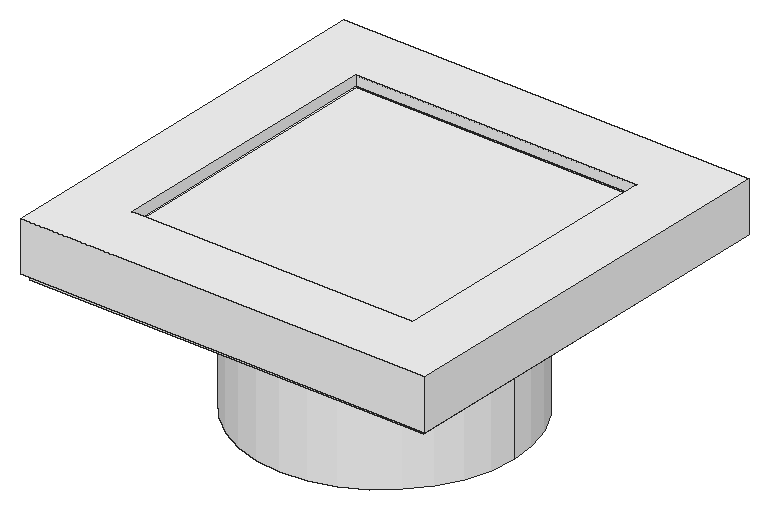
Revit family "Gira_228226", category Electrical Fixtures, host Face, Revit 2017
Family settings
  Host = Face
  Maintain Annotation Orientation = Yes
  Round Connector Dimension = Use Diameter
  Part Type = Normal
  Cut with Voids When Loaded = No
  Shared = No
  Room Calculation Point = No
Parameters (values of type "Lautsprecher UP-Radio RDS System 55 F Alu")
  Zusammenstellung = "Basiselement mit Gehäuse-Oberteil"
  White [instance] = White
  Werkstoffgüte = "sonstige"
  Werkstoff = "sonstige"
  URL = "http://katalog.gira.de/de_DE/datenblatt.html?artikelnr=228226"
  Region = "DE"
  Oberfläche = "sonstige"
  Name = "Lautsprecher UP-Radio RDS System 55 F Alu"
  Montageart = "unter Putz"
  Model = "Sys55_Komplettgerät_Schalten und Tasten"
  Manufacturer URL = "https://www.gira.de/"
  HeinzeBIM = "https://bimportal.heinze.de/bim/lautsprecher-up-radio-rds-system-55-f-alu/c4e4c63576227f06690fb303fa9624dba63480dd"
  Halogenfrei = "No"
  HAN = "228226"
  GTIN = "4010337076162"
  Farbe = "aluminium"
  Default Elevation = 1219.2 mm
  Data sheet (1) = "https://katalog.gira.de/de_DE/download.html?artikelnr=228226"
  Category = "Elektronik-Gerät für Installationsschalterprogramme"
  Befestigungsart = "Krallen-/Schraubbefestigung"
  Available = "Yes"
  Ausführung der Oberfläche = "glänzend"
  Ausführung = "Radio (*en-EN)"
Reference planes
  plane 1 "Center (Front/Back)": y = 0
  plane 2: z = 0
  plane 3 "Center (Left/Right)": x = 0
Forms (mm)
  Extrusion 1, solid, material "White" <- "White", detail levels medium
    sketch origin (0, 0, 0) x (1, 0, 0) y (0, 1, 0)
      loop
        line (-40.4, 40.4) -> (-40.4, -40.4) -> (40.4, -40.4) -> (40.4, 40.4) -> (-40.4, 40.4)
      loop
        line (-28, 28) -> (-28, -28) -> (28, -28) -> (28, 28) -> (-28, 28)
    from 0 to 10
  Extrusion 2, solid, material "White" <- "White", detail levels fine
    sketch origin (0, 0, 0) x (1, 0, 0) y (0, 1, 0)
      loop
        line (-40.4, 40.4) -> (-40.4, -40.4) -> (40.4, -40.4) -> (40.4, 40.4) -> (-40.4, 40.4)
      loop
        line (-28, 28) -> (-28, -28) -> (28, -28) -> (28, 28) -> (-28, 28)
    from 0 to 10
  Extrusion 3, void
    sketch origin (0, 0, 0) x (1, 0, 0) y (0, 1, 0)
      loop
        line (-38.4, 38.4) -> (-38.4, -38.4) -> (38.4, -38.4) -> (38.4, 38.4) -> (-38.4, 38.4)
    from 0 to 8
  Extrusion 4, solid, material "White" <- "White", detail levels medium+fine
    sketch origin (0, 0, 0) x (1, 0, 0) y (0, 1, 0)
      loop
        line (-39.4, 39.4) -> (-39.4, -39.4) -> (39.4, -39.4) -> (39.4, 39.4) -> (-39.4, 39.4)
    from 0 to -1
  Extrusion 5, solid, material "White" <- "White", detail levels medium+fine
    sketch origin (0, 0, 0) x (1, 0, 0) y (0, 1, 0)
      loop
        line (-35.5, 35.5) -> (-35.5, -35.5) -> (35.5, -35.5) -> (35.5, 35.5) -> (-35.5, 35.5)
    from -2 to -3
  Extrusion 6, solid, material "White" <- "White", detail levels medium+fine
    sketch origin (0, 0, 0) x (1, 0, 0) y (0, 1, 0)
      loop
        circle (0, 0) r 26
    from 0 to -27.5
  Extrusion 7, solid, material "White" <- "White", detail levels coarse
    sketch origin (0, 0, 0) x (1, 0, 0) y (0, 1, 0)
      loop
        line (-40.4, 40.4) -> (-40.4, -40.4) -> (40.4, -40.4) -> (40.4, 40.4) -> (-40.4, 40.4)
    from -27.5 to 10
Cuts and joins
  Extrusion 3 cuts Extrusion 2
Dimensions and locks
  aligned and locked: plane 2 to host face
  aligned and locked: level to host face
  aligned and locked: plane 3 "Center (Left/Right)" to nested 2
  aligned and locked: plane 1 "Center (Front/Back)" to nested 2
Nested families
  nested 1: "Sys55_Abdeckung_Schalten und Tasten_floor_base" at (0, 0, 0), type "Sys55_Abdeckung_Schalten und Tasten_floor_base"
  nested 2: "Schalter" at (0, 0, 0), type "Schalter"
Connectors
  electrical at (0, 0, -27.5)
    settings: on Extrusion 6, index 1, voltage 220 V, apparent load 0 VA, apparent load phase1 0 VA, apparent load phase2 0 VA, apparent load phase3 0 VA, power factor 1, load classification "Other", number of poles 1, system type 30, power factor state 1, is connector primary yes, connector utility no, sub classification motor no, connector description ""
Definition of nested family "Sys55_Abdeckung_Schalten und Tasten_floor_base"
  Parameters
    Default Elevation = 1219.2 mm
    White [instance] = none
  Reference planes
    plane 1 "Center (Front/Back)": y = 0
    plane 2: z = 0
    plane 3 "Center (Left/Right)": x = 0
  Forms (mm)
    Extrusion 1, solid
      sketch origin (0, 0, 0) x (1, 0, 0) y (0, 1, 0)
        loop
          line (-1219.2, 1219.2) -> (-1219.2, -1219.2) -> (1219.2, -1219.2) -> (1219.2, 1219.2) -> (-1219.2, 1219.2)
      from 0 to -304.8
    Extrusion 2, solid, material <- "White", detail levels fine
      sketch origin (0, 0, 0) x (1, 0, 0) y (0, 1, 0)
        loop
          line (-27.5, 27.5) -> (-27.5, -27.5) -> (27.5, -27.5) -> (27.5, 27.5) -> (-27.5, 27.5)
      from 0 to 8
    Extrusion 3, void
      sketch origin (0, 0, 0) x (1, 0, 0) y (0, 1, 0)
        loop
          line (26, 26) -> (-26, 26) -> (-26, -26) -> (26, -26) -> (26, 26)
      from 0 to 6
    Extrusion 4, solid, material <- "White", detail levels medium
      sketch origin (0, 0, 0) x (1, 0, 0) y (0, 1, 0)
        loop
          line (-27.5, 27.5) -> (-27.5, -27.5) -> (27.5, -27.5) -> (27.5, 27.5) -> (-27.5, 27.5)
      from 0 to 8
    Extrusion 5, solid, material <- "White", detail levels medium
      sketch origin (0, 0, 0) x (1, 0, 0) y (0, 1, 0)
        loop
          line (11, -17.5) -> (11, 17.5) -> (-11, 17.5) -> (-11, -17.5) -> (11, -17.5)
      from -6 to 6
    Extrusion 6, solid, material <- "White", detail levels fine
      sketch origin (0, 0, 0) x (1, 0, 0) y (0, 1, 0)
        loop
          line (11, 17.5) -> (-11, 17.5) -> (-11, 16.5) -> (11, 16.5) -> (11, 17.5)
        loop
          line (-11, -16.5) -> (-11, -17.5) -> (11, -17.5) -> (11, -16.5) -> (-11, -16.5)
      from -4 to 6
    Extrusion 7, solid, material <- "White", detail levels fine
      sketch origin (0, 0, 0) x (1, 0, 0) y (0, 1, 0)
        loop
          arc (5, 9.347) -> (0, 10.6) -> (-5, 9.347) r 10.6
          line (-5, 9.347) -> (-5, -9.347)
          arc (-5, -9.347) -> (0, -10.6) -> (5, -9.347) r 10.6
          line (5, -9.347) -> (5, 9.347)
      from -6 to 6
    Extrusion 8, solid, material <- "White", detail levels coarse
      sketch origin (0, 0, 0) x (1, 0, 0) y (0, 1, 0)
        loop
          line (-27.5, 27.5) -> (-27.5, -27.5) -> (27.5, -27.5) -> (27.5, 27.5) -> (-27.5, 27.5)
      from -6 to 8
  Cuts and joins
    Extrusion 3 cuts Extrusion 2
  Dimensions and locks
    aligned and locked: plane 2 to Extrusion 1
    aligned and locked: level to Extrusion 1
Definition of nested family "Schalter"
  Reference planes
    plane 1: y = 0
    plane 2: x = 0
  Lines and regions (mm)
    detail lines
      curve 1: circle (1.375, 2.778, 0) r 0.8 normal (0, 0, 1)
      curve 2: line (1.021, 2.061, 0) -> (0, 0, 0)
      curve 3: line (0, 0, 0) -> (-0.538, 0.266, 0)
  Dimensions and locks
    curve 2 to curve 2 = 2.3 mm
    curve 3 to curve 2 = 0.6 mm
    radius of curve 1 = 0.8 mm
